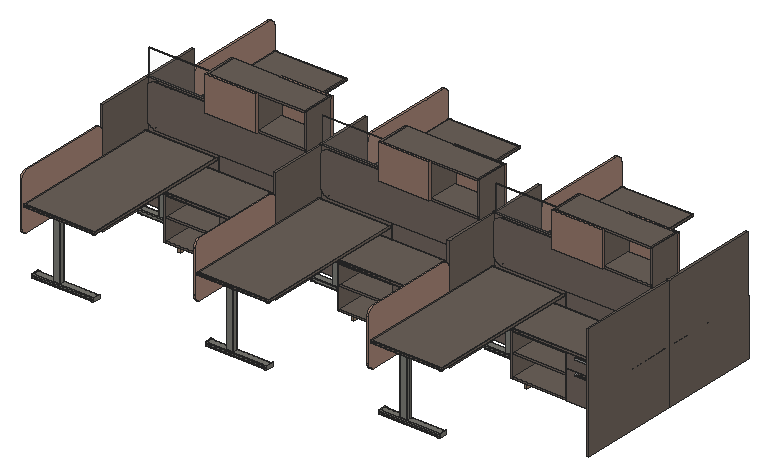
Revit family "T200210", category Furniture, Revit 2018
Family settings
  OmniClass Number = 23.40.20.00
  OmniClass Title = General Furniture and Specialties
  Work Plane-Based = No
  Always vertical = Yes
  Cut with Voids When Loaded = No
  Shared = No
  Room Calculation Point = No
Reference planes (in)
  plane 1 "Center Front/Back": y = 0
  plane 2: z = 0
  plane 3 "Center Left/Right": x = 0
Dimensions and locks (in)
  aligned and locked: level to plane 2
Nested families (in)
  nested 1: "STAKS SPINE OR DIVIDER WALL 48in" at (-49.66635, 12.05498, 0) x (0, -1, 0) z (0, 0, 1), type "STAKS SPINE OR DIVIDER WALL 48in X 24in"
    with Height Above Floor 4' - 0"
  nested 2: "STAKS SPINE OR DIVIDER WALL 48in" at (-59.05498, 6.83365, 0), type "STAKS SPINE OR DIVIDER WALL 48in X 30in"
    with Height Above Floor 4' - 0"
  nested 3: "STAKS SPINE OR DIVIDER WALL 48in" at (-29.05498, 6.83365, 0), type "STAKS SPINE OR DIVIDER WALL 48in X 42in"
    with Height Above Floor 4' - 0"
  nested 4: "STAKS RECTANGULAR WORKSURFACES Short Grain" at (-35.05498, 5.83365, -6), type "STAKS RECTANGULAR WORKSURFACE 22 x 42"
    with Height Above Floor 2' - 5"
  nested 5: "STAKS 15H SHARED ORGANIZER One Opening Per Side" at (-27.55498, 12.42099, 0.5), type "STAKS 15H SHARED ORGANIZER 42in W"
    with Height Above Floor 5' - 2 1/2"
  nested 6: "STAKS CORNER SHELF FOR WALL PANEL" at (-46.90963, -0.58856, -6) x (0.7071, 0.7071, 0) z (0, 0, 1), type "STAKS CORNER SHELF FOR WALL PANEL"
    with Height Above Floor 2' - 5"
  nested 7: "STAKS FABRIC TACKBOARD WITH ROUNDED CORNERS FOR SPINE OR DIVIDER WALL" at (-59.05498, 5.83365, 0), type "STAKS FABRIC TACKBOARD WITH ROUNDED CORNERS FOR SPINE OR DIVIDER WALL 18H x 49-73.9375W"
    with Height Above Floor 3' - 11 1/2"
  nested 8: "STAKS FROSTED ACRYLIC PRIVACY PANEL" at (-20.06705, 1.74965, 0), type "STAKS FROSTED ACRYLIC PRIVACY PANEL 29 x 13"
  nested 9: "STAKS I-BEAM SUPPORTS" at (-24.44943, -19.00035, 0), type "STAKS I-BEAM SUPPORT 40"
  nested 10: "STAKS LOW HEIGHT OPEN SHELF PEDESTAL - WITH RISER SUPPORT" at (-36.47711, -18.62535, 0), type "STAKS LOW HEIGHT OPEN SHELF PEDESTAL - WITH RISER SUPPORT 24 x 19"
  nested 11: "STAKS LOW HEIGHT PEDESTAL WIDE - BOX-FILE - WITH RISER SUPPORT" at (-12.47711, -18.62535, 0), type "STAKS LOW HEIGHT PEDESTAL WIDE - BOX-FILE - WITH RISER SUPPORT 24in W x 19in D"
  nested 12: "STAKS RECTANGULAR WORKSURFACES Worksurface Height" at (-52.83365, -69.22159, 0) x (0, 1, 0) z (0, 0, 1), type "STAKS RECTANGULAR WORKSURFACE 66 x 30"
    with Height Above Floor 2' - 5"
  nested 13: "STAKS OFFSET ELECTRIC ADJUSTABLE HEIGHT BASE Rectangular" at (-42.37465, -41, 0) x (0, 1, 0) z (0, 0, 1), type "STAKS OFFSET ELECTRIC ADJUSTABLE HEIGHT BASE 30in Rectangular"
    with Height 2' - 3 7/8"
  nested 14: "STAKS OFFSET ELECTRIC ADJUSTABLE HEIGHT BASE Rectangular" at (-42.37465, -18.33322, 0) x (0, -1, 0) z (0, 0, 1), type "STAKS OFFSET ELECTRIC ADJUSTABLE HEIGHT BASE 30in Rectangular"
    with Height 2' - 3 7/8"
  nested 15: "STAKS WORKSURFACE EDGE MODESTY TFL WOOD GRAIN AND TFL SOLID COLORS Round Corners" at (-54.25035, -57.5, 17) x (0, -1, 0) z (0, 0, 1), type "STAKS WORKSURFACE EDGE MODESTY TFL WOOD GRAIN AND TFL SOLID COLORS 42 Round Corners"
  nested 16: "STAKS BENCHING CANTILEVER WORKSURFACE BRACKET - OPEN" at (-48.62465, -34.75, 0) x (0, 1, 0) z (0, 0, 1), type "CANTILEVER WORKSURFACE BRACKET - OPEN 14in"
  nested 17: "STAKS BENCHING CANTILEVER WORKSURFACE BRACKET - OPEN" at (-48.62465, -11.75, 0) x (0, 1, 0) z (0, 0, 1), type "CANTILEVER WORKSURFACE BRACKET - OPEN 14in"
  nested 18: "STAKS SPINE OR DIVIDER WALL 48in" at (-49.66635, -3.1303, 0) x (0, 1, 0) z (0, 0, 1), type "STAKS SPINE OR DIVIDER WALL 48in X 24in"
    with Height Above Floor 4' - 0"
  nested 19: "STAKS RECTANGULAR WORKSURFACES Short Grain" at (-35.05498, 3.09103, -6), type "STAKS RECTANGULAR WORKSURFACE 22 x 42"
    with Height Above Floor 2' - 5"
  nested 20: "STAKS CORNER SHELF FOR WALL PANEL" at (-46.90963, 9.51324, -6) x (0.7071, -0.7071, 0) z (0, 0, 1), type "STAKS CORNER SHELF FOR WALL PANEL"
    with Height Above Floor 2' - 5"
  nested 21: "STAKS FABRIC TACKBOARD WITH ROUNDED CORNERS FOR SPINE OR DIVIDER WALL" at (-59.05498, 3.09103, 0), type "STAKS FABRIC TACKBOARD WITH ROUNDED CORNERS FOR SPINE OR DIVIDER WALL 18H x 49-73.9375W"
    with Height Above Floor 3' - 11 1/2"
  nested 22: "STAKS I-BEAM SUPPORTS" at (-24.44943, 27.92503, 0), type "STAKS I-BEAM SUPPORT 40"
  nested 23: "STAKS LOW HEIGHT OPEN SHELF PEDESTAL - WITH RISER SUPPORT" at (-36.47711, 27.55003, 0), type "STAKS LOW HEIGHT OPEN SHELF PEDESTAL - WITH RISER SUPPORT 24 x 19"
  nested 24: "STAKS LOW HEIGHT PEDESTAL WIDE - BOX-FILE - WITH RISER SUPPORT" at (-12.47711, 27.55003, 0), type "STAKS LOW HEIGHT PEDESTAL WIDE - BOX-FILE - WITH RISER SUPPORT 24in W x 19in D"
  nested 25: "STAKS RECTANGULAR WORKSURFACES Worksurface Height" at (-52.83365, 78.14627, 0) x (0, -1, 0) z (0, 0, 1), type "STAKS RECTANGULAR WORKSURFACE 66 x 30"
    with Height Above Floor 2' - 5"
  nested 26: "STAKS OFFSET ELECTRIC ADJUSTABLE HEIGHT BASE Rectangular" at (-42.37465, 49.92468, 0) x (0, -1, 0) z (0, 0, 1), type "STAKS OFFSET ELECTRIC ADJUSTABLE HEIGHT BASE 30in Rectangular"
    with Height 2' - 3 7/8"
  nested 27: "STAKS OFFSET ELECTRIC ADJUSTABLE HEIGHT BASE Rectangular" at (-42.37465, 27.2579, 0) x (0, 1, 0) z (0, 0, 1), type "STAKS OFFSET ELECTRIC ADJUSTABLE HEIGHT BASE 30in Rectangular"
    with Height 2' - 3 7/8"
  nested 28: "STAKS WORKSURFACE EDGE MODESTY TFL WOOD GRAIN AND TFL SOLID COLORS Round Corners" at (-54.25035, 66.42468, 17) x (0, 1, 0) z (0, 0, 1), type "STAKS WORKSURFACE EDGE MODESTY TFL WOOD GRAIN AND TFL SOLID COLORS 42 Round Corners"
  nested 29: "STAKS BENCHING CANTILEVER WORKSURFACE BRACKET - OPEN" at (-48.62465, 43.67468, 0) x (0, -1, 0) z (0, 0, 1), type "CANTILEVER WORKSURFACE BRACKET - OPEN 14in"
  nested 30: "STAKS BENCHING CANTILEVER WORKSURFACE BRACKET - OPEN" at (-48.62465, 20.67468, 0) x (0, -1, 0) z (0, 0, 1), type "CANTILEVER WORKSURFACE BRACKET - OPEN 14in"
  nested 31: "STAKS SPINE OR DIVIDER WALL 48in" at (23.33365, 12.05498, 0) x (0, -1, 0) z (0, 0, 1), type "STAKS SPINE OR DIVIDER WALL 48in X 24in"
    with Height Above Floor 4' - 0"
  nested 32: "STAKS SPINE OR DIVIDER WALL 48in" at (13.94502, 6.83365, 0), type "STAKS SPINE OR DIVIDER WALL 48in X 30in"
    with Height Above Floor 4' - 0"
  nested 33: "STAKS SPINE OR DIVIDER WALL 48in" at (43.94502, 6.83365, 0), type "STAKS SPINE OR DIVIDER WALL 48in X 42in"
    with Height Above Floor 4' - 0"
  nested 34: "STAKS RECTANGULAR WORKSURFACES Short Grain" at (37.94502, 5.83365, -6), type "STAKS RECTANGULAR WORKSURFACE 22 x 42"
    with Height Above Floor 2' - 5"
  nested 35: "STAKS 15H SHARED ORGANIZER One Opening Per Side" at (45.44502, 12.42099, 0.5), type "STAKS 15H SHARED ORGANIZER 42in W"
    with Height Above Floor 5' - 2 1/2"
  nested 36: "STAKS CORNER SHELF FOR WALL PANEL" at (26.09037, -0.58856, -6) x (0.7071, 0.7071, 0) z (0, 0, 1), type "STAKS CORNER SHELF FOR WALL PANEL"
    with Height Above Floor 2' - 5"
  nested 37: "STAKS FABRIC TACKBOARD WITH ROUNDED CORNERS FOR SPINE OR DIVIDER WALL" at (13.94502, 5.83365, 0), type "STAKS FABRIC TACKBOARD WITH ROUNDED CORNERS FOR SPINE OR DIVIDER WALL 18H x 49-73.9375W"
    with Height Above Floor 3' - 11 1/2"
  nested 38: "STAKS FROSTED ACRYLIC PRIVACY PANEL" at (52.93295, 1.74965, 0), type "STAKS FROSTED ACRYLIC PRIVACY PANEL 29 x 13"
  nested 39: "STAKS I-BEAM SUPPORTS" at (48.55057, -19.00035, 0), type "STAKS I-BEAM SUPPORT 40"
  nested 40: "STAKS LOW HEIGHT OPEN SHELF PEDESTAL - WITH RISER SUPPORT" at (36.52289, -18.62535, 0), type "STAKS LOW HEIGHT OPEN SHELF PEDESTAL - WITH RISER SUPPORT 24 x 19"
  nested 41: "STAKS LOW HEIGHT PEDESTAL WIDE - BOX-FILE - WITH RISER SUPPORT" at (60.52289, -18.62535, 0), type "STAKS LOW HEIGHT PEDESTAL WIDE - BOX-FILE - WITH RISER SUPPORT 24in W x 19in D"
  nested 42: "STAKS RECTANGULAR WORKSURFACES Worksurface Height" at (20.16635, -69.22159, 0) x (0, 1, 0) z (0, 0, 1), type "STAKS RECTANGULAR WORKSURFACE 66 x 30"
    with Height Above Floor 2' - 5"
  nested 43: "STAKS OFFSET ELECTRIC ADJUSTABLE HEIGHT BASE Rectangular" at (30.62535, -41, 0) x (0, 1, 0) z (0, 0, 1), type "STAKS OFFSET ELECTRIC ADJUSTABLE HEIGHT BASE 30in Rectangular"
    with Height 2' - 3 7/8"
  nested 44: "STAKS OFFSET ELECTRIC ADJUSTABLE HEIGHT BASE Rectangular" at (30.62535, -18.33322, 0) x (0, -1, 0) z (0, 0, 1), type "STAKS OFFSET ELECTRIC ADJUSTABLE HEIGHT BASE 30in Rectangular"
    with Height 2' - 3 7/8"
  nested 45: "STAKS WORKSURFACE EDGE MODESTY TFL WOOD GRAIN AND TFL SOLID COLORS Round Corners" at (18.74965, -57.5, 17) x (0, -1, 0) z (0, 0, 1), type "STAKS WORKSURFACE EDGE MODESTY TFL WOOD GRAIN AND TFL SOLID COLORS 42 Round Corners"
  nested 46: "STAKS BENCHING CANTILEVER WORKSURFACE BRACKET - OPEN" at (24.37535, -34.75, 0) x (0, 1, 0) z (0, 0, 1), type "CANTILEVER WORKSURFACE BRACKET - OPEN 14in"
  nested 47: "STAKS BENCHING CANTILEVER WORKSURFACE BRACKET - OPEN" at (24.37535, -11.75, 0) x (0, 1, 0) z (0, 0, 1), type "CANTILEVER WORKSURFACE BRACKET - OPEN 14in"
  nested 48: "STAKS SPINE OR DIVIDER WALL 48in" at (23.33365, -3.1303, 0) x (0, 1, 0) z (0, 0, 1), type "STAKS SPINE OR DIVIDER WALL 48in X 24in"
    with Height Above Floor 4' - 0"
  nested 49: "STAKS RECTANGULAR WORKSURFACES Short Grain" at (37.94502, 3.09103, -6), type "STAKS RECTANGULAR WORKSURFACE 22 x 42"
    with Height Above Floor 2' - 5"
  nested 50: "STAKS CORNER SHELF FOR WALL PANEL" at (26.09037, 9.51324, -6) x (0.7071, -0.7071, 0) z (0, 0, 1), type "STAKS CORNER SHELF FOR WALL PANEL"
    with Height Above Floor 2' - 5"
  nested 51: "STAKS FABRIC TACKBOARD WITH ROUNDED CORNERS FOR SPINE OR DIVIDER WALL" at (13.94502, 3.09103, 0), type "STAKS FABRIC TACKBOARD WITH ROUNDED CORNERS FOR SPINE OR DIVIDER WALL 18H x 49-73.9375W"
    with Height Above Floor 3' - 11 1/2"
  nested 52: "STAKS I-BEAM SUPPORTS" at (48.55057, 27.92503, 0), type "STAKS I-BEAM SUPPORT 40"
  nested 53: "STAKS LOW HEIGHT OPEN SHELF PEDESTAL - WITH RISER SUPPORT" at (36.52289, 27.55003, 0), type "STAKS LOW HEIGHT OPEN SHELF PEDESTAL - WITH RISER SUPPORT 24 x 19"
  nested 54: "STAKS LOW HEIGHT PEDESTAL WIDE - BOX-FILE - WITH RISER SUPPORT" at (60.52289, 27.55003, 0), type "STAKS LOW HEIGHT PEDESTAL WIDE - BOX-FILE - WITH RISER SUPPORT 24in W x 19in D"
  nested 55: "STAKS RECTANGULAR WORKSURFACES Worksurface Height" at (20.16635, 78.14627, 0) x (0, -1, 0) z (0, 0, 1), type "STAKS RECTANGULAR WORKSURFACE 66 x 30"
    with Height Above Floor 2' - 5"
  nested 56: "STAKS OFFSET ELECTRIC ADJUSTABLE HEIGHT BASE Rectangular" at (30.62535, 49.92468, 0) x (0, -1, 0) z (0, 0, 1), type "STAKS OFFSET ELECTRIC ADJUSTABLE HEIGHT BASE 30in Rectangular"
    with Height 2' - 3 7/8"
  nested 57: "STAKS OFFSET ELECTRIC ADJUSTABLE HEIGHT BASE Rectangular" at (30.62535, 27.2579, 0) x (0, 1, 0) z (0, 0, 1), type "STAKS OFFSET ELECTRIC ADJUSTABLE HEIGHT BASE 30in Rectangular"
    with Height 2' - 3 7/8"
  nested 58: "STAKS WORKSURFACE EDGE MODESTY TFL WOOD GRAIN AND TFL SOLID COLORS Round Corners" at (18.74965, 66.42468, 17) x (0, 1, 0) z (0, 0, 1), type "STAKS WORKSURFACE EDGE MODESTY TFL WOOD GRAIN AND TFL SOLID COLORS 42 Round Corners"
  nested 59: "STAKS BENCHING CANTILEVER WORKSURFACE BRACKET - OPEN" at (24.37535, 43.67468, 0) x (0, -1, 0) z (0, 0, 1), type "CANTILEVER WORKSURFACE BRACKET - OPEN 14in"
  nested 60: "STAKS BENCHING CANTILEVER WORKSURFACE BRACKET - OPEN" at (24.37535, 20.67468, 0) x (0, -1, 0) z (0, 0, 1), type "CANTILEVER WORKSURFACE BRACKET - OPEN 14in"
  nested 61: "STAKS SPINE OR DIVIDER WALL 48in" at (91.66635, -45.09264, 0) x (0, 1, 0) z (0, 0, 1), type "STAKS SPINE OR DIVIDER WALL 48in X 42in"
    with Height Above Floor 4' - 0"
  nested 62: "STAKS SPINE OR DIVIDER WALL 48in" at (91.66635, 54.01732, 0) x (0, -1, 0) z (0, 0, 1), type "STAKS SPINE OR DIVIDER WALL 48in X 42in"
    with Height Above Floor 4' - 0"
  nested 63: "STAKS SPINE OR DIVIDER WALL 48in" at (-122.66635, 12.05498, 0) x (0, -1, 0) z (0, 0, 1), type "STAKS SPINE OR DIVIDER WALL 48in X 24in"
    with Height Above Floor 4' - 0"
  nested 64: "STAKS SPINE OR DIVIDER WALL 48in" at (-132.05498, 6.83365, 0), type "STAKS SPINE OR DIVIDER WALL 48in X 30in"
    with Height Above Floor 4' - 0"
  nested 65: "STAKS SPINE OR DIVIDER WALL 48in" at (-102.05498, 6.83365, 0), type "STAKS SPINE OR DIVIDER WALL 48in X 42in"
    with Height Above Floor 4' - 0"
  nested 66: "STAKS RECTANGULAR WORKSURFACES Short Grain" at (-108.05498, 5.83365, -6), type "STAKS RECTANGULAR WORKSURFACE 22 x 42"
    with Height Above Floor 2' - 5"
  nested 67: "STAKS 15H SHARED ORGANIZER One Opening Per Side" at (-100.55498, 12.42099, 0.5), type "STAKS 15H SHARED ORGANIZER 42in W"
    with Height Above Floor 5' - 2 1/2"
  nested 68: "STAKS CORNER SHELF FOR WALL PANEL" at (-119.90963, -0.58856, -6) x (0.7071, 0.7071, 0) z (0, 0, 1), type "STAKS CORNER SHELF FOR WALL PANEL"
    with Height Above Floor 2' - 5"
  nested 69: "STAKS FABRIC TACKBOARD WITH ROUNDED CORNERS FOR SPINE OR DIVIDER WALL" at (-132.05498, 5.83365, 0), type "STAKS FABRIC TACKBOARD WITH ROUNDED CORNERS FOR SPINE OR DIVIDER WALL 18H x 49-73.9375W"
    with Height Above Floor 3' - 11 1/2"
  nested 70: "STAKS FROSTED ACRYLIC PRIVACY PANEL" at (-93.06705, 1.74965, 0), type "STAKS FROSTED ACRYLIC PRIVACY PANEL 29 x 13"
  nested 71: "STAKS I-BEAM SUPPORTS" at (-97.44943, -19.00035, 0), type "STAKS I-BEAM SUPPORT 40"
  nested 72: "STAKS LOW HEIGHT OPEN SHELF PEDESTAL - WITH RISER SUPPORT" at (-109.47711, -18.62535, 0), type "STAKS LOW HEIGHT OPEN SHELF PEDESTAL - WITH RISER SUPPORT 24 x 19"
  nested 73: "STAKS LOW HEIGHT PEDESTAL WIDE - BOX-FILE - WITH RISER SUPPORT" at (-85.47711, -18.62535, 0), type "STAKS LOW HEIGHT PEDESTAL WIDE - BOX-FILE - WITH RISER SUPPORT 24in W x 19in D"
  nested 74: "STAKS RECTANGULAR WORKSURFACES Worksurface Height" at (-125.83365, -69.22159, 0) x (0, 1, 0) z (0, 0, 1), type "STAKS RECTANGULAR WORKSURFACE 66 x 30"
    with Height Above Floor 2' - 5"
  nested 75: "STAKS OFFSET ELECTRIC ADJUSTABLE HEIGHT BASE Rectangular" at (-115.37465, -41, 0) x (0, 1, 0) z (0, 0, 1), type "STAKS OFFSET ELECTRIC ADJUSTABLE HEIGHT BASE 30in Rectangular"
    with Height 2' - 3 7/8"
  nested 76: "STAKS OFFSET ELECTRIC ADJUSTABLE HEIGHT BASE Rectangular" at (-115.37465, -18.33322, 0) x (0, -1, 0) z (0, 0, 1), type "STAKS OFFSET ELECTRIC ADJUSTABLE HEIGHT BASE 30in Rectangular"
    with Height 2' - 3 7/8"
  nested 77: "STAKS WORKSURFACE EDGE MODESTY TFL WOOD GRAIN AND TFL SOLID COLORS Round Corners" at (-127.25035, -57.5, 17) x (0, -1, 0) z (0, 0, 1), type "STAKS WORKSURFACE EDGE MODESTY TFL WOOD GRAIN AND TFL SOLID COLORS 42 Round Corners"
  nested 78: "STAKS BENCHING CANTILEVER WORKSURFACE BRACKET - OPEN" at (-121.62465, -34.75, 0) x (0, 1, 0) z (0, 0, 1), type "CANTILEVER WORKSURFACE BRACKET - OPEN 14in"
  nested 79: "STAKS BENCHING CANTILEVER WORKSURFACE BRACKET - OPEN" at (-121.62465, -11.75, 0) x (0, 1, 0) z (0, 0, 1), type "CANTILEVER WORKSURFACE BRACKET - OPEN 14in"
  nested 80: "STAKS SPINE OR DIVIDER WALL 48in" at (-122.66635, -3.1303, 0) x (0, 1, 0) z (0, 0, 1), type "STAKS SPINE OR DIVIDER WALL 48in X 24in"
    with Height Above Floor 4' - 0"
  nested 81: "STAKS RECTANGULAR WORKSURFACES Short Grain" at (-108.05498, 3.09103, -6), type "STAKS RECTANGULAR WORKSURFACE 22 x 42"
    with Height Above Floor 2' - 5"
  nested 82: "STAKS CORNER SHELF FOR WALL PANEL" at (-119.90963, 9.51324, -6) x (0.7071, -0.7071, 0) z (0, 0, 1), type "STAKS CORNER SHELF FOR WALL PANEL"
    with Height Above Floor 2' - 5"
  nested 83: "STAKS FABRIC TACKBOARD WITH ROUNDED CORNERS FOR SPINE OR DIVIDER WALL" at (-132.05498, 3.09103, 0), type "STAKS FABRIC TACKBOARD WITH ROUNDED CORNERS FOR SPINE OR DIVIDER WALL 18H x 49-73.9375W"
    with Height Above Floor 3' - 11 1/2"
  nested 84: "STAKS I-BEAM SUPPORTS" at (-97.44943, 27.92503, 0), type "STAKS I-BEAM SUPPORT 40"
  nested 85: "STAKS LOW HEIGHT OPEN SHELF PEDESTAL - WITH RISER SUPPORT" at (-109.47711, 27.55003, 0), type "STAKS LOW HEIGHT OPEN SHELF PEDESTAL - WITH RISER SUPPORT 24 x 19"
  nested 86: "STAKS LOW HEIGHT PEDESTAL WIDE - BOX-FILE - WITH RISER SUPPORT" at (-85.47711, 27.55003, 0), type "STAKS LOW HEIGHT PEDESTAL WIDE - BOX-FILE - WITH RISER SUPPORT 24in W x 19in D"
  nested 87: "STAKS RECTANGULAR WORKSURFACES Worksurface Height" at (-125.83365, 78.14627, 0) x (0, -1, 0) z (0, 0, 1), type "STAKS RECTANGULAR WORKSURFACE 66 x 30"
    with Height Above Floor 2' - 5"
  nested 88: "STAKS OFFSET ELECTRIC ADJUSTABLE HEIGHT BASE Rectangular" at (-115.37465, 49.92468, 0) x (0, -1, 0) z (0, 0, 1), type "STAKS OFFSET ELECTRIC ADJUSTABLE HEIGHT BASE 30in Rectangular"
    with Height 2' - 3 7/8"
  nested 89: "STAKS OFFSET ELECTRIC ADJUSTABLE HEIGHT BASE Rectangular" at (-115.37465, 27.2579, 0) x (0, 1, 0) z (0, 0, 1), type "STAKS OFFSET ELECTRIC ADJUSTABLE HEIGHT BASE 30in Rectangular"
    with Height 2' - 3 7/8"
  nested 90: "STAKS WORKSURFACE EDGE MODESTY TFL WOOD GRAIN AND TFL SOLID COLORS Round Corners" at (-127.25035, 66.42468, 17) x (0, 1, 0) z (0, 0, 1), type "STAKS WORKSURFACE EDGE MODESTY TFL WOOD GRAIN AND TFL SOLID COLORS 42 Round Corners"
  nested 91: "STAKS BENCHING CANTILEVER WORKSURFACE BRACKET - OPEN" at (-121.62465, 43.67468, 0) x (0, -1, 0) z (0, 0, 1), type "CANTILEVER WORKSURFACE BRACKET - OPEN 14in"
  nested 92: "STAKS BENCHING CANTILEVER WORKSURFACE BRACKET - OPEN" at (-121.62465, 20.67468, 0) x (0, -1, 0) z (0, 0, 1), type "CANTILEVER WORKSURFACE BRACKET - OPEN 14in"
Definition of nested family "STAKS SPINE OR DIVIDER WALL 48in"
  Parameters (values of type "STAKS SPINE OR DIVIDER WALL 48in X 24in")
    URL = "http://www.ofs.com/"
    Height Above Floor [instance] = 4' - 0"
    Height = 4' - 0"
    Depth = 0' - 1"
    Model = "6-PAN-48/24"
    Manufacturer = "OFS"
    Description = "OFS STAKS SPINE OR DIVIDER WALL 48\" Height x 24\" Width, Levelers allow 2.5\" Height Adjustability for Uneven Floor"
    Width = 2' - 0"
    Copyright © = "© 2018 OFS"
    Catalog = "https://ofs.com/products/casegoods/private-office/staks"
    Authoring Version = "Autodesk Revit Architecture 2013"
    Assembly Code = "E2020200"
  Types (19): name | Model | Description | Width
    STAKS SPINE OR DIVIDER WALL 48in X 24in | "6-PAN-48/24" | "OFS STAKS SPINE OR DIVIDER WALL 48\" Height x 24\" Width, Levelers allow 2.5\" Height Adjustability for Uneven Floor" | 2' - 0"
    STAKS SPINE OR DIVIDER WALL 48in X 33in | "6-PAN-48/33" | "OFS STAKS SPINE OR DIVIDER WALL 48\" Height x 33\" Width, Levelers allow 2.5\" Height Adjustability for Uneven Floor" | 2' - 9"
    STAKS SPINE OR DIVIDER WALL 48in X 26in | "6-PAN-48/26" | "OFS STAKS SPINE OR DIVIDER WALL 48\" Height x 26\" Width, Levelers allow 2.5\" Height Adjustability for Uneven Floor" | 2' - 2"
    STAKS SPINE OR DIVIDER WALL 48in X 30in | "6-PAN-48/30" | "OFS STAKS SPINE OR DIVIDER WALL 48\" Height x 30\" Width, Levelers allow 2.5\" Height Adjustability for Uneven Floor" | 2' - 6"
    STAKS SPINE OR DIVIDER WALL 48in X 36in | "6-PAN-48/36" | "OFS STAKS SPINE OR DIVIDER WALL 48\" Height x 36\" Width, Levelers allow 2.5\" Height Adjustability for Uneven Floor" | 3' - 0"
    STAKS SPINE OR DIVIDER WALL 48in X 37in | "6-PAN-48/37" | "OFS STAKS SPINE OR DIVIDER WALL 48\" Height x 37\" Width, Levelers allow 2.5\" Height Adjustability for Uneven Floor" | 3' - 1"
    STAKS SPINE OR DIVIDER WALL 48in X 39in | "6-PAN-48/39" | "OFS STAKS SPINE OR DIVIDER WALL 48\" Height x 39\" Width, Levelers allow 2.5\" Height Adjustability for Uneven Floor" | 3' - 3"
    STAKS SPINE OR DIVIDER WALL 48in X 40in | "6-PAN-48/40" | "OFS STAKS SPINE OR DIVIDER WALL 48\" Height x 40\" Width, Levelers allow 2.5\" Height Adjustability for Uneven Floor" | 3' - 4"
    STAKS SPINE OR DIVIDER WALL 48in X 42in | "6-PAN-48/42" | "OFS STAKS SPINE OR DIVIDER WALL 48\" Height x 42\" Width, Levelers allow 2.5\" Height Adjustability for Uneven Floor" | 3' - 6"
    STAKS SPINE OR DIVIDER WALL 48in X 44in | "6-PAN-48/44" | "OFS STAKS SPINE OR DIVIDER WALL 48\" Height x 44\" Width, Levelers allow 2.5\" Height Adjustability for Uneven Floor" | 3' - 8"
    STAKS SPINE OR DIVIDER WALL 48in X 45in | "6-PAN-48/45" | "OFS STAKS SPINE OR DIVIDER WALL 48\" Height x 45\" Width, Levelers allow 2.5\" Height Adjustability for Uneven Floor" | 3' - 9"
    STAKS SPINE OR DIVIDER WALL 48in X 47in | "6-PAN-48/47" | "OFS STAKS SPINE OR DIVIDER WALL 48\" Height x 47\" Width, Levelers allow 2.5\" Height Adjustability for Uneven Floor" | 3' - 11"
    STAKS SPINE OR DIVIDER WALL 48in X 48in | "6-PAN-48/48" | "OFS STAKS SPINE OR DIVIDER WALL 48\" Height x 48\" Width, Levelers allow 2.5\" Height Adjustability for Uneven Floor" | 4' - 0"
    STAKS SPINE OR DIVIDER WALL 48in X 49in | "6-PAN-48/49" | "OFS STAKS SPINE OR DIVIDER WALL 48\" Height x 49\" Width, Levelers allow 2.5\" Height Adjustability for Uneven Floor" | 4' - 1"
    STAKS SPINE OR DIVIDER WALL 48in X 52in | "6-PAN-48/52" | "OFS STAKS SPINE OR DIVIDER WALL 48\" Height x 52\" Width, Levelers allow 2.5\" Height Adjustability for Uneven Floor" | 4' - 4"
    STAKS SPINE OR DIVIDER WALL 48in X 54in | "6-PAN-48/54" | "OFS STAKS SPINE OR DIVIDER WALL 48\" Height x 54\" Width, Levelers allow 2.5\" Height Adjustability for Uneven Floor" | 4' - 6"
    STAKS SPINE OR DIVIDER WALL 48in X 56in | "6-PAN-48/56" | "OFS STAKS SPINE OR DIVIDER WALL 48\" Height x 56\" Width, Levelers allow 2.5\" Height Adjustability for Uneven Floor" | 4' - 8"
    STAKS SPINE OR DIVIDER WALL 48in X 58in | "6-PAN-48/58" | "OFS STAKS SPINE OR DIVIDER WALL 48\" Height x 58\" Width, Levelers allow 2.5\" Height Adjustability for Uneven Floor" | 4' - 10"
    STAKS SPINE OR DIVIDER WALL 48in X 59in | "6-PAN-48/59" | "OFS STAKS SPINE OR DIVIDER WALL 48\" Height x 59\" Width, Levelers allow 2.5\" Height Adjustability for Uneven Floor" | 4' - 11"
  Reference planes (in)
    plane 1: z = -0.125
    plane 2 "LEFT": x = 7.55498
    plane 3 "RIGHT": x = 31.55498
    plane 4 "BACK": y = -1.83365
    plane 5 "FRONT": y = -2.83365
    plane 6: x = 7.67998
    plane 7: x = 31.42998
    plane 8: y = -1.95865
    plane 9: y = -2.70865
    plane 10: z = -0.125
    plane 11 "SURFACE TOP": z = 47.875
  Forms (in)
    Extrusion 1, solid
      sketch origin (0, 0, 17.125) x (-1, 0, 0) y (0, -1, 0)
        loop
          line (-7.55498, 1.83365) -> (-7.55498, 2.83365) -> (-31.55498, 2.83365) -> (-31.55498, 1.83365) -> (-7.55498, 1.83365)
      from 30.75 to -17.25
  Lines and regions (in)
    symbolic lines
      curve 1: line (7.55498, -1.83365, 47.875) -> (31.55498, -1.83365, 47.875)
      curve 2: line (7.55498, -2.83365, 47.875) -> (7.55498, -1.83365, 47.875)
      curve 3: line (31.55498, -2.83365, 47.875) -> (7.55498, -2.83365, 47.875)
      curve 4: line (31.55498, -1.83365, 47.875) -> (31.55498, -2.83365, 47.875)
  Dimensions and locks (in)
    "Depth": plane 4 "BACK" to plane 5 "FRONT"
    "Width": plane 2 "LEFT" to plane 3 "RIGHT"
    "Height": plane 11 "SURFACE TOP" to plane 10
    locked: plane 4 "BACK" to plane 8 at 0.125
    locked: plane 2 "LEFT" to plane 6 at 0.125
    locked: plane 7 to plane 3 "RIGHT" at 0.125
    locked: plane 9 to plane 5 "FRONT" at 0.125
    "Height Above Floor": plane 11 "SURFACE TOP" to level
    aligned: level to plane 1
    aligned and locked: plane 11 "SURFACE TOP" to Extrusion 1
    aligned and locked: Extrusion 1 to plane 10
    aligned and locked: plane 4 "BACK" to Extrusion 1 sketch curve
    aligned and locked: Extrusion 1 sketch curve to plane 2 "LEFT"
    aligned and locked: Extrusion 1 sketch curve to plane 5 "FRONT"
    aligned and locked: plane 3 "RIGHT" to Extrusion 1 sketch curve
    aligned and locked: curve 1 to Extrusion 1
    aligned and locked: curve 2 to Extrusion 1
    aligned and locked: curve 3 to Extrusion 1
    aligned and locked: curve 4 to Extrusion 1
Definition of nested family "STAKS RECTANGULAR WORKSURFACES Short Grain"
  Parameters (values of type "STAKS RECTANGULAR WORKSURFACE 22 x 15.625")
    URL = "http://www.ofs.com/"
    Height Above Floor [instance] = 2' - 5"
    Height = 0' - 1 1/8"
    Depth = 1' - 10"
    Model = "6-MCT-22/15.625"
    Manufacturer = "OFS"  # constant formula
    Description = "OFS STAKS 22 X 15.625 RECTANGULAR WORKSURFACE For Worksurface or Low Height Applications, Short Grain"
    Width = 1' - 3 5/8"
    Copyright © = "© 2018 OFS"  # constant formula
    Catalog = "https://ofs.com/products/casegoods/private-office/staks"  # constant formula
    Authoring Version = "Autodesk Revit Architecture 2013"
    Assembly Code = "E2020200"
  Types (24): name | Model | Description | Width
    STAKS RECTANGULAR WORKSURFACE 22 x 15.625 | "6-MCT-22/15.625" | "OFS STAKS 22 X 15.625 RECTANGULAR WORKSURFACE For Worksurface or Low Height Applications, Short Grain" | 1' - 3 5/8"
    STAKS RECTANGULAR WORKSURFACE 22 x 34 | "6-MCT-22/34" | "OFS STAKS 22 X 34 RECTANGULAR WORKSURFACE For Worksurface or Low Height Applications, Short Grain" | 2' - 10"
    STAKS RECTANGULAR WORKSURFACE 22 x 36 | "6-MCT-22/36" | "OFS STAKS 22 X 36 RECTANGULAR WORKSURFACE For Worksurface or Low Height Applications, Short Grain" | 3' - 0"
    STAKS RECTANGULAR WORKSURFACE 22 x 42 | "6-MCT-22/42" | "OFS STAKS 22 X 42 RECTANGULAR WORKSURFACE For Worksurface or Low Height Applications, Short Grain" | 3' - 6"
    STAKS RECTANGULAR WORKSURFACE 22 x 46 | "6-MCT-22/46" | "OFS STAKS 22 X 46 RECTANGULAR WORKSURFACE For Worksurface or Low Height Applications, Short Grain" | 3' - 10"
    STAKS RECTANGULAR WORKSURFACE 22 x 48 | "6-MCT-22/48" | "OFS STAKS 22 X 48 RECTANGULAR WORKSURFACE For Worksurface or Low Height Applications, Short Grain" | 4' - 0"
    STAKS RECTANGULAR WORKSURFACE 22 x 48.5 | "6-MCT-22/48.5" | "OFS STAKS 22 X 48.5 RECTANGULAR WORKSURFACE For Worksurface or Low Height Applications, Short Grain" | 4' - 0 1/2"
    STAKS RECTANGULAR WORKSURFACE 22 x 54 | "6-MCT-22/54" | "OFS STAKS 22 X 54 RECTANGULAR WORKSURFACE For Worksurface or Low Height Applications, Short Grain" | 4' - 6"
    STAKS RECTANGULAR WORKSURFACE 22 x 55.5 | "6-MCT-22/55.5" | "OFS STAKS 22 X 55.5 RECTANGULAR WORKSURFACE For Worksurface or Low Height Applications, Short Grain" | 4' - 7 1/2"
    STAKS RECTANGULAR WORKSURFACE 22 x 59 | "6-MCT-22/59" | "OFS STAKS 22 X 59 RECTANGULAR WORKSURFACE For Worksurface or Low Height Applications, Short Grain" | 4' - 11"
    STAKS RECTANGULAR WORKSURFACE 22 x 60 | "6-MCT-22/60" | "OFS STAKS 22 X 60 RECTANGULAR WORKSURFACE For Worksurface or Low Height Applications, Short Grain" | 5' - 0"
    STAKS RECTANGULAR WORKSURFACE 22 x 64 | "6-MCT-22/64" | "OFS STAKS 22 X 64 RECTANGULAR WORKSURFACE For Worksurface or Low Height Applications, Short Grain" | 5' - 4"
    STAKS RECTANGULAR WORKSURFACE 22 x 66 | "6-MCT-22/66" | "OFS STAKS 22 X 66 RECTANGULAR WORKSURFACE For Worksurface or Low Height Applications, Short Grain" | 5' - 6"
    STAKS RECTANGULAR WORKSURFACE 22 x 69.625 | "6-MCT-22/69.625" | "OFS STAKS 22 X 69.625 RECTANGULAR WORKSURFACE For Worksurface or Low Height Applications, Short Grain" | 5' - 9 5/8"
    STAKS RECTANGULAR WORKSURFACE 22 x 70.5 | "6-MCT-22/70.5" | "OFS STAKS 22 X 70.5 RECTANGULAR WORKSURFACE For Worksurface or Low Height Applications, Short Grain" | 5' - 10 1/2"
    STAKS RECTANGULAR WORKSURFACE 22 x 72 | "6-MCT-22/72" | "OFS STAKS 22 X 72 RECTANGULAR WORKSURFACE For Worksurface or Low Height Applications, Short Grain" | 6' - 0"
    STAKS RECTANGULAR WORKSURFACE 22 x 74 | "6-MCT-22/74" | "OFS STAKS 22 X 74 RECTANGULAR WORKSURFACE For Worksurface or Low Height Applications, Short Grain" | 6' - 2"
    STAKS RECTANGULAR WORKSURFACE 22 x 78 | "6-MCT-22/78" | "OFS STAKS 22 X 78 RECTANGULAR WORKSURFACE For Worksurface or Low Height Applications, Short Grain" | 6' - 6"
    STAKS RECTANGULAR WORKSURFACE 22 x 82.5 | "6-MCT-22/82.5" | "OFS STAKS 22 X 82.5 RECTANGULAR WORKSURFACE For Worksurface or Low Height Applications, Short Grain" | 6' - 10 1/2"
    STAKS RECTANGULAR WORKSURFACE 22 x 84 | "6-MCT-22/84" | "OFS STAKS 22 X 84 RECTANGULAR WORKSURFACE For Worksurface or Low Height Applications, Short Grain" | 7' - 0"
    STAKS RECTANGULAR WORKSURFACE 22 x 87.625 | "6-MCT-22/87.625" | "OFS STAKS 22 X 87.625 RECTANGULAR WORKSURFACE For Worksurface or Low Height Applications, Short Grain" | 7' - 3 5/8"
    STAKS RECTANGULAR WORKSURFACE 22 x 90 | "6-MCT-22/90" | "OFS STAKS 22 X 90 RECTANGULAR WORKSURFACE For Worksurface or Low Height Applications, Short Grain" | 7' - 6"
    STAKS RECTANGULAR WORKSURFACE 22 x 94 | "6-MCT-22/94" | "OFS STAKS 22 X 94 RECTANGULAR WORKSURFACE For Worksurface or Low Height Applications, Short Grain" | 7' - 10"
    STAKS RECTANGULAR WORKSURFACE 22 x 96 | "6-MCT-22/96" | "OFS STAKS 22 X 96 RECTANGULAR WORKSURFACE For Worksurface or Low Height Applications, Short Grain" | 8' - 0"
  Reference planes (in)
    plane 1: z = -0.125
    plane 2 "LEFT": x = 7.55498
    plane 3 "RIGHT": x = 23.17998
    plane 4 "BACK": y = -1.83365
    plane 5 "FRONT": y = -23.83365
    plane 6: x = 7.67998
    plane 7: x = 23.05498
    plane 8: y = -1.95865
    plane 9: y = -23.70865
    plane 10: z = 27.75
    plane 11 "SURFACE TOP": z = 28.875
  Forms (in)
    Extrusion 1, solid
      sketch origin (0, 0, 17.125) x (-1, 0, 0) y (0, -1, 0)
        loop
          line (-7.67998, 1.95865) -> (-7.67998, 23.70865) -> (-23.05498, 23.70865) -> (-23.05498, 1.95865) -> (-7.67998, 1.95865)
      from 11.75 to 10.625
    Sweep 2, solid
      path origin (0, 0, 28.875) x (0, 1, 0) y (-1, 0, 0)
        loop
          line (-23.83365, -7.55498) -> (-23.83365, -23.17998) -> (-1.83365, -23.17998) -> (-1.83365, -7.55498) -> (-23.83365, -7.55498)
      profile origin (15.36748, -23.83365, 28.875) x (0, 1, 0) y (0, 0, 1)
        loop
          arc (0.125, 0) -> (0.03661, -0.03661) -> (0, -0.125) r 0.125
          line (0, -0.125) -> (0, -1)
          arc (0, -1) -> (0.03661, -1.08839) -> (0.125, -1.125) r 0.125
          line (0.125, -1.125) -> (0.125, 0)
  Lines and regions (in)
    Masking region 1
      outline origin (0, 0, 16.625) x (-1, 0, 0) y (0, -1, 0)
        loop
          line (-7.67998, 1.95865) -> (-7.55498, 1.83365) -> (-7.55498, 23.83365) -> (-7.67998, 23.70865) -> (-7.67998, 1.95865)
    Masking region 2
      outline origin (0, 0, 16.625) x (-1, 0, 0) y (0, -1, 0)
        loop
          line (-7.55498, 1.83365) -> (-7.67998, 1.95865) -> (-23.05498, 1.95865) -> (-23.17998, 1.83365) -> (-7.55498, 1.83365)
    Masking region 3
      outline origin (0, 0, 16.625) x (-1, 0, 0) y (0, -1, 0)
        loop
          line (-23.17998, 1.83365) -> (-23.05498, 1.95865) -> (-23.05498, 23.70865) -> (-23.17998, 23.83365) -> (-23.17998, 1.83365)
    Masking region 4
      outline origin (0, 0, 16.625) x (-1, 0, 0) y (0, -1, 0)
        loop
          line (-23.17998, 23.83365) -> (-23.05498, 23.70865) -> (-7.67998, 23.70865) -> (-7.55498, 23.83365) -> (-23.17998, 23.83365)
    Masking region 5
      outline origin (0, 0, 16.625) x (-1, 0, 0) y (0, -1, 0)
        loop
          line (-23.05498, 23.70865) -> (-23.05498, 1.95865) -> (-7.67998, 1.95865) -> (-7.67998, 23.70865) -> (-23.05498, 23.70865)
  Dimensions and locks (in)
    "Depth": plane 4 "BACK" to plane 5 "FRONT"
    "Width": plane 2 "LEFT" to plane 3 "RIGHT"
    "Height": plane 11 "SURFACE TOP" to plane 10
    locked: plane 4 "BACK" to plane 8 at 0.125
    locked: plane 2 "LEFT" to plane 6 at 0.125
    locked: plane 7 to plane 3 "RIGHT" at 0.125
    locked: plane 9 to plane 5 "FRONT" at 0.125
    "Height Above Floor": plane 11 "SURFACE TOP" to level
    aligned: level to plane 1
    aligned and locked: plane 8 to Extrusion 1 sketch curve
    aligned and locked: Extrusion 1 sketch curve to plane 6
    aligned and locked: Extrusion 1 sketch curve to plane 9
    aligned and locked: plane 7 to Extrusion 1 sketch curve
    aligned and locked: plane 11 "SURFACE TOP" to Extrusion 1
    aligned and locked: Extrusion 1 to plane 10
    aligned and locked: Sweep 2 sketch curve to plane 5 "FRONT"
    aligned and locked: Sweep 2 sketch curve to plane 2 "LEFT"
    aligned and locked: plane 4 "BACK" to Sweep 2 sketch curve
    aligned and locked: plane 3 "RIGHT" to Sweep 2 sketch curve
  Automatic sketch dimensions
    Masking region 1 sketch curve to plane 6 = 0' - 0"
    Masking region 1 sketch curve to plane 2 "LEFT" = 0' - 0"
    Masking region 1 sketch curve to plane 4 "BACK" = 0' - 0"
    Masking region 1 sketch curve to plane 8 = 0' - 0"
    Masking region 1 sketch curve to plane 9 = 0' - 0"
    Masking region 1 sketch curve to plane 5 "FRONT" = 0' - 0"
    Masking region 2 sketch curve to plane 3 "RIGHT" = 0' - 0"
    Masking region 2 sketch curve to plane 7 = 0' - 0"
    Masking region 2 sketch curve to plane 6 = 0' - 0"
    Masking region 2 sketch curve to plane 2 "LEFT" = 0' - 0"
    Masking region 2 sketch curve to plane 4 "BACK" = 0' - 0"
    Masking region 2 sketch curve to plane 8 = 0' - 0"
    Masking region 3 sketch curve to plane 3 "RIGHT" = 0' - 0"
    Masking region 3 sketch curve to plane 7 = 0' - 0"
    Masking region 3 sketch curve to plane 4 "BACK" = 0' - 0"
    Masking region 3 sketch curve to plane 8 = 0' - 0"
    Masking region 3 sketch curve to plane 9 = 0' - 0"
    Masking region 3 sketch curve to plane 5 "FRONT" = 0' - 0"
    Masking region 4 sketch curve to plane 3 "RIGHT" = 0' - 0"
    Masking region 4 sketch curve to plane 7 = 0' - 0"
    Masking region 4 sketch curve to plane 6 = 0' - 0"
    Masking region 4 sketch curve to plane 2 "LEFT" = 0' - 0"
    Masking region 4 sketch curve to plane 9 = 0' - 0"
    Masking region 4 sketch curve to plane 5 "FRONT" = 0' - 0"
    Masking region 5 sketch curve to plane 7 = 0' - 0"
    Masking region 5 sketch curve to plane 6 = 0' - 0"
    Masking region 5 sketch curve to plane 8 = 0' - 0"
    Masking region 5 sketch curve to plane 9 = 0' - 0"
    Sweep 2 sketch curve to profile plane = 0' - 0"
    Sweep 2 sketch curve to plane 11 "SURFACE TOP" = 0' - 0"
    Sweep 2 sketch curve to profile plane = 0' - 0 1/8"
    Sweep 2 sketch curve to Sweep 2 sketch curve = 0' - 0 7/8"
Definition of nested family "STAKS 15H SHARED ORGANIZER One Opening Per Side"
  Parameters (values of type "STAKS 15H SHARED ORGANIZER 30in W")
    URL = "http://www.ofs.com/"
    Height Above Floor [instance] = 5' - 2 1/2"
    Height = 1' - 3"
    Doors Material = none
    Depth = 1' - 2 1/2"
    Model = "6-3015SORG2A"
    Manufacturer = "OFS"
    Description = "OFS STAKS 15H SHARED ORGANIZER 30\" Width, One Opening per Side"
    Width = 2' - 6"
    Copyright © = "© 2018 OFS"
    Catalog = "https://ofs.com/products/casegoods/private-office/staks"
    Board Material = none
    Board Thickness = 0' - 0 3/4"
    Authoring Version = "Autodesk Revit Architecture 2013"
    Assembly Code = "E2020200"
  Types (3): name | Model | Description | Width
    STAKS 15H SHARED ORGANIZER 36in W | "6-3615SORG2A" | "OFS STAKS 15H SHARED ORGANIZER 36\" Width, One Opening per Side" | 3' - 0"
    STAKS 15H SHARED ORGANIZER 42in W | "6-4215SORG2A" | "OFS STAKS 15H SHARED ORGANIZER 42\" Width, One Opening per Side" | 3' - 6"
    STAKS 15H SHARED ORGANIZER 30in W | "6-3015SORG2A" | "OFS STAKS 15H SHARED ORGANIZER 30\" Width, One Opening per Side" | 2' - 6"
  Reference planes (in)
    plane 1: z = -0.125
    plane 2 "LEFT": x = 12.05498
    plane 3 "RIGHT": x = 42.05498
    plane 4 "BACK": y = -1.83365
    plane 5 "FRONT": y = -14.83365
    plane 6: x = 12.80498
    plane 7: x = 41.30498
    plane 8: z = 47.375
    plane 9 "SURFACE TOP": z = 62.375
    plane 10: z = 48.125
    plane 11: x = 27.05498
    plane 12: z = 61.625
    plane 13: y = -8.33365
    plane 14: y = -7.95865
    plane 15: y = -8.70865
    plane 16: x = 27.42998
    plane 17: x = 26.67998
    plane 18: y = -1.08365
    plane 19: y = -15.58365
  Forms (in)
    Extrusion 1, solid, material <- "Board Material"
      sketch origin (0, 0, 62.375) x (0, 1, 0) y (-1, 0, 0)
        loop
          line (-1.83365, -12.80498) -> (-14.83365, -12.80498) -> (-14.83365, -41.30498) -> (-1.83365, -41.30498) -> (-1.83365, -12.80498)
      from -14.25 to -15
    Extrusion 2, solid, material <- "Board Material"
      sketch origin (0, 0, 62.375) x (0, 1, 0) y (-1, 0, 0)
        loop
          line (-1.83365, -12.80498) -> (-1.83365, -12.05498) -> (-14.83365, -12.05498) -> (-14.83365, -12.80498) -> (-1.83365, -12.80498)
        loop
          line (-1.83365, -42.05498) -> (-1.83365, -41.30498) -> (-14.83365, -41.30498) -> (-14.83365, -42.05498) -> (-1.83365, -42.05498)
      from 0 to -15
    Extrusion 3, solid, material <- "Board Material"
      sketch origin (0, 0, 27.375) x (0, 1, 0) y (-1, 0, 0)
        loop
          line (-1.83365, -12.80498) -> (-14.83365, -12.80498) -> (-14.83365, -41.30498) -> (-1.83365, -41.30498) -> (-1.83365, -12.80498)
      from 35 to 34.25
    Extrusion 4, solid, material <- "Board Material"
      sketch origin (0, 0, 62.375) x (0, 1, 0) y (-1, 0, 0)
        loop
          line (-1.83365, -26.67998) -> (-14.83365, -26.67998) -> (-14.83365, -27.42998) -> (-1.83365, -27.42998) -> (-1.83365, -26.67998)
      from -0.75 to -14.25
    Extrusion 5, solid, material <- "Doors Material"
      sketch origin (-1.5309, -10.89295, 62.375) x (0, 1, 0) y (-1, 0, 0)
        loop
          line (-3.9407, -13.58589) -> (-4.6907, -13.58589) -> (-4.6907, -28.96089) -> (-3.9407, -28.96089) -> (-3.9407, -13.58589)
      from 0 to -15
    Extrusion 6, solid, material <- "Doors Material"
      sketch origin (30.99601, 21.63396, 62.375) x (0, 1, 0) y (-1, 0, 0)
        loop
          line (-22.71762, 4.31603) -> (-23.46762, 4.31603) -> (-23.46762, -11.05897) -> (-22.71762, -11.05897) -> (-22.71762, 4.31603)
      from 0 to -15
  Dimensions and locks (in)
    "Width": plane 2 "LEFT" to plane 3 "RIGHT"
    "Height": plane 9 "SURFACE TOP" to plane 8
    "Board Thickness": plane 2 "LEFT" to plane 6
    "Board Thickness": plane 7 to plane 3 "RIGHT"
    "Height Above Floor": plane 9 "SURFACE TOP" to level
    "Board Thickness": plane 10 to plane 8
    equal spacing: plane 2 "LEFT", plane 11, plane 3 "RIGHT"
    "Board Thickness": plane 9 "SURFACE TOP" to plane 12
    equal spacing: plane 4 "BACK", plane 13, plane 5 "FRONT"
    equal spacing: plane 14, plane 13, plane 15
    "Board Thickness": plane 14 to plane 15
    equal spacing: plane 17, plane 11, plane 16
    "Board Thickness": plane 17 to plane 16
    "Depth": plane 18 to plane 19
    "Board Thickness": plane 18 to plane 4 "BACK"
    "Board Thickness": plane 5 "FRONT" to plane 19
    aligned: level to plane 1
    aligned and locked: Extrusion 1 sketch curve to plane 4 "BACK"
    aligned and locked: plane 6 to Extrusion 1 sketch curve
    aligned and locked: plane 5 "FRONT" to Extrusion 1 sketch curve
    aligned and locked: Extrusion 1 sketch curve to plane 7
    aligned and locked: Extrusion 1 to plane 8
    aligned and locked: plane 10 to Extrusion 1
    aligned and locked: Extrusion 1 to Extrusion 2 sketch curve  (x2)
    aligned and locked: Extrusion 2 sketch curve to Extrusion 1  (x2)
    aligned and locked: Extrusion 2 sketch curve to plane 5 "FRONT"
    aligned and locked: Extrusion 2 sketch curve to plane 2 "LEFT"
    aligned and locked: plane 4 "BACK" to Extrusion 2 sketch curve
    aligned and locked: plane 3 "RIGHT" to Extrusion 2 sketch curve
    aligned and locked: Extrusion 2 to plane 8
    aligned and locked: plane 9 "SURFACE TOP" to Extrusion 2
    aligned and locked: plane 9 "SURFACE TOP" to Extrusion 3
    aligned and locked: Extrusion 3 to plane 12
    aligned and locked: plane 4 "BACK" to Extrusion 3
    aligned and locked: Extrusion 3 to plane 5 "FRONT"
    aligned and locked: Extrusion 3 to plane 6
    aligned and locked: plane 7 to Extrusion 3
    aligned and locked: Extrusion 4 sketch curve to plane 17
    aligned and locked: plane 5 "FRONT" to Extrusion 4 sketch curve
    aligned and locked: Extrusion 4 sketch curve to plane 16
    aligned and locked: Extrusion 5 to plane 2 "LEFT"
    aligned and locked: plane 16 to Extrusion 5
    aligned and locked: plane 17 to Extrusion 6
    aligned and locked: plane 3 "RIGHT" to Extrusion 6
    aligned and locked: Extrusion 6 to plane 4 "BACK"
    aligned and locked: plane 18 to Extrusion 6
    aligned and locked: plane 5 "FRONT" to Extrusion 5
    aligned and locked: Extrusion 5 to plane 19
    aligned and locked: Extrusion 5 to plane 8
    aligned and locked: plane 9 "SURFACE TOP" to Extrusion 5
    aligned and locked: plane 9 "SURFACE TOP" to Extrusion 6
    aligned and locked: Extrusion 6 to plane 8
    aligned and locked: Extrusion 4 to plane 4 "BACK"
  Automatic sketch dimensions
    Extrusion 3 sketch curve to plane 5 "FRONT" = 0' - 0"
    Extrusion 3 sketch curve to plane 4 "BACK" = 0' - 0"
    Extrusion 3 sketch curve to plane 7 = 0' - 0"
    Extrusion 3 sketch curve to plane 6 = 0' - 0"
    Extrusion 5 sketch curve to plane 2 "LEFT" = 0' - 0"
    Extrusion 5 sketch curve to plane 19 = 0' - 0"
    Extrusion 5 sketch curve to plane 7 = 1' - 1 7/8"
    Extrusion 5 sketch curve to Extrusion 5 sketch curve = 0' - 0 3/4"
    Extrusion 6 sketch curve to plane 18 = 0' - 0 3/4"
    plane 18 to Extrusion 6 sketch curve = 0' - 0"
    plane 3 "RIGHT" to Extrusion 6 sketch curve = 0' - 0"
    Extrusion 6 sketch curve to plane 7 = 1' - 2 5/8"
    plane 15 to Extrusion 4 sketch curve = 0' - 6 7/8"
Definition of nested family "STAKS CORNER SHELF FOR WALL PANEL"
  Parameters (values of type "STAKS CORNER SHELF FOR WALL PANEL")
    Width = 1' - 9"
    Veneer Material = none
    URL = "http://www.ofs.com/"
    Height Above Floor [instance] = 2' - 5"
    Height = 0' - 0 3/4"
    Edge Material = none
    Model = "6-2108SHLF"
    Manufacturer = "OFS"
    Description = "OFS STAKS CORNER SHELF FOR WALL PANEL"
    Depth = 0' - 8"
    Copyright © = "© 2018 OFS"
    Catalog = "https://ofs.com/products/casegoods/private-office/staks"
    Authoring Version = "Autodesk Revit Architecture 2013"
    Assembly Code = "E2020200"
    3D Laminate Material = none
  Reference planes (in)
    plane 1 "Center (Front/Back)": y = 0
    plane 2: z = 0
    plane 3 "Center (Left/Right)": x = 0
    plane 4: x = 10.5
    plane 5: x = -10.5
    plane 6: y = 4
    plane 7: y = -4
    plane 8: z = 28.25
    plane 9: z = 29
  Forms (in)
    Extrusion 1, solid, material <- "3D Laminate Material"
      sketch origin (3.56329, 81.33771, 7) x (-1, 0, 0) y (0, -1, 0)
        loop
          line (14.06329, 85.33771) -> (-6.93671, 85.33771) -> (1.06329, 77.33771) -> (6.06329, 77.33771) -> (14.06329, 85.33771)
      from 22 to 21.25
  Dimensions and locks (in)
    equal spacing: plane 5, plane 3 "Center (Left/Right)", plane 4
    "Width": plane 5 to plane 4
    "Depth": plane 6 to plane 7
    equal spacing: plane 7, plane 1 "Center (Front/Back)", plane 6
    "Height": plane 9 to plane 8
    "Height Above Floor": plane 9 to level
    aligned and locked: level to plane 2
    aligned and locked: plane 9 to Extrusion 1
    aligned and locked: Extrusion 1 to plane 8
    aligned and locked: plane 4 to Extrusion 1 sketch curve
    aligned and locked: Extrusion 1 sketch curve to plane 6
  Automatic sketch dimensions
    plane 7 to Extrusion 1 sketch curve = 0' - 0"
    plane 3 "Center (Left/Right)" to Extrusion 1 sketch curve = 0' - 2 1/2"
    Extrusion 1 sketch curve to plane 3 "Center (Left/Right)" = 0' - 2 1/2"
    Extrusion 1 sketch curve to plane 5 = 0' - 0"
Definition of nested family "STAKS FABRIC TACKBOARD WITH ROUNDED CORNERS FOR SPINE OR DIVIDER WALL"
  Parameters (values of type "STAKS FABRIC TACKBOARD WITH ROUNDED CORNERS FOR SPINE OR DIVIDER WALL 12H x 27-48.9375W")
    URL = "http://www.ofs.com/"
    Height Above Floor [instance] = 3' - 5 1/2"
    Height = 1' - 0"
    Depth = 0' - 0 1/2"
    Model = "FTR10D"
    Manufacturer = "OFS"
    Description = "OFS STAKS FABRIC TACKBOARD WITH ROUNDED CORNERS FOR SPINE OR DIVIDER WALL 12\" Height X 27\" - 48.9375\" Width, Any Width in 1/8\" Increments available within Ranges Shown"
    Width = 2' - 3"
    Copyright © = "© 2018 OFS"
    Catalog = "https://ofs.com/products/casegoods/private-office/staks"
    Authoring Version = "Autodesk Revit Architecture 2013"
    Assembly Code = "E2020200"
  Types (6): name | Height Above Floor | Height | Model | Description | Width
    STAKS FABRIC TACKBOARD WITH ROUNDED CORNERS FOR SPINE OR DIVIDER WALL 12H x 27-48.9375W | 3' - 5 1/2" | 1' - 0" | "FTR10D" | "OFS STAKS FABRIC TACKBOARD WITH ROUNDED CORNERS FOR SPINE OR DIVIDER WALL 12\" Height X 27\" - 48.9375\" Width, Any Width in 1/8\" Increments available within Ranges Shown" | 2' - 3"
    STAKS FABRIC TACKBOARD WITH ROUNDED CORNERS FOR SPINE OR DIVIDER WALL 12H x 74-96W | 3' - 5 1/2" | 1' - 0" | "FTR10F" | "OFS STAKS FABRIC TACKBOARD WITH ROUNDED CORNERS FOR SPINE OR DIVIDER WALL 12\" Height X 74\" - 96\" Width, Any Width in 1/8\" Increments available within Ranges Shown" | 6' - 2"
    STAKS FABRIC TACKBOARD WITH ROUNDED CORNERS FOR SPINE OR DIVIDER WALL 12H x 49-73.9375W | 3' - 5 1/2" | 1' - 0" | "FTR10E" | "OFS STAKS FABRIC TACKBOARD WITH ROUNDED CORNERS FOR SPINE OR DIVIDER WALL 12\" Height X 49\" - 73.9375\" Width, Any Width in 1/8\" Increments available within Ranges Shown" | 4' - 1"
    STAKS FABRIC TACKBOARD WITH ROUNDED CORNERS FOR SPINE OR DIVIDER WALL 18H x 27-48.9375W | 3' - 11 1/2" | 1' - 6" | "FTR10A" | "OFS STAKS FABRIC TACKBOARD WITH ROUNDED CORNERS FOR SPINE OR DIVIDER WALL 18\" Height X 27\" - 48.9375\" Width, Any Width in 1/8\" Increments available within Ranges Shown" | 2' - 3"
    STAKS FABRIC TACKBOARD WITH ROUNDED CORNERS FOR SPINE OR DIVIDER WALL 18H x 49-73.9375W | 3' - 11 1/2" | 1' - 6" | "FTR10B" | "OFS STAKS FABRIC TACKBOARD WITH ROUNDED CORNERS FOR SPINE OR DIVIDER WALL 18\" Height X 49\" - 73.9375\" Width, Any Width in 1/8\" Increments available within Ranges Shown" | 4' - 1"
    STAKS FABRIC TACKBOARD WITH ROUNDED CORNERS FOR SPINE OR DIVIDER WALL 18H x 74-96W | 3' - 11 1/2" | 1' - 6" | "FTR10C" | "OFS STAKS FABRIC TACKBOARD WITH ROUNDED CORNERS FOR SPINE OR DIVIDER WALL 18\" Height X 74\" - 96\" Width, Any Width in 1/8\" Increments available within Ranges Shown" | 6' - 2"
  Reference planes (in)
    plane 1: z = -0.125
    plane 2 "LEFT": x = 7.55498
    plane 3 "RIGHT": x = 34.55498
    plane 4 "BACK": y = -1.83365
    plane 5 "FRONT": y = -2.33365
    plane 6: x = 7.67998
    plane 7: x = 34.42998
    plane 8: y = -1.95865
    plane 9: y = -2.20865
    plane 10: z = 29.375
    plane 11 "SURFACE TOP": z = 41.375
  Forms (in)
    Extrusion 1, solid
      sketch origin (0, 0.50035, 0) x (1, 0, 0) y (0, 0, 1)
        loop
          arc (30.55498, 29.375) -> (33.38341, 30.54657) -> (34.55498, 33.375) r 4
          line (34.55498, 33.375) -> (34.55498, 37.375)
          arc (34.55498, 37.375) -> (33.38341, 40.20343) -> (30.55498, 41.375) r 4
          line (30.55498, 41.375) -> (11.55498, 41.375)
          arc (11.55498, 41.375) -> (8.72655, 40.20343) -> (7.55498, 37.375) r 4
          line (7.55498, 37.375) -> (7.55498, 33.375)
          arc (7.55498, 33.375) -> (8.72655, 30.54657) -> (11.55498, 29.375) r 4
          line (11.55498, 29.375) -> (30.55498, 29.375)
      from 2.834 to 2.334
  Dimensions and locks (in)
    "Depth": plane 4 "BACK" to plane 5 "FRONT"
    "Width": plane 2 "LEFT" to plane 3 "RIGHT"
    "Height": plane 11 "SURFACE TOP" to plane 10
    locked: plane 4 "BACK" to plane 8 at 0.125
    locked: plane 2 "LEFT" to plane 6 at 0.125
    locked: plane 7 to plane 3 "RIGHT" at 0.125
    locked: plane 9 to plane 5 "FRONT" at 0.125
    "Height Above Floor": plane 11 "SURFACE TOP" to level
    aligned: level to plane 1
    aligned and locked: plane 10 to Extrusion 1 sketch curve
    aligned and locked: Extrusion 1 sketch curve to plane 3 "RIGHT"
    aligned and locked: Extrusion 1 sketch curve to plane 11 "SURFACE TOP"
    aligned and locked: plane 2 "LEFT" to Extrusion 1 sketch curve
    aligned and locked: Extrusion 1 to plane 5 "FRONT"
    aligned and locked: plane 4 "BACK" to Extrusion 1
  Automatic sketch dimensions
    plane 10 to Extrusion 1 sketch curve = 0' - 4"
    plane 6 to Extrusion 1 sketch curve = 0' - 3 7/8"  (x2)
    Extrusion 1 sketch curve to plane 7 = 0' - 3 7/8"
Definition of nested family "STAKS FROSTED ACRYLIC PRIVACY PANEL"
  Parameters (values of type "STAKS FROSTED ACRYLIC PRIVACY PANEL 23 x 10")
    Width = 1' - 11"
    URL = "http://www.ofs.com/"
    Model = "6-PVPA-23/10"
    Manufacturer = "OFS"
    Height From Floor = 4' - 8"
    Height = 0' - 10"
    Description = "OFS STAKS FROSTED ACRYLIC PRIVACY PANEL 23 x 10, Recessed 1.5\" Inside Wall Panel"
    Depth = 0' - 0 1/4"
    Copyright © = "© 2018 OFS"
    Catalog = "https://ofs.com/products/casegoods/private-office/staks"
    Shelf Material = none
    Authoring Version = "Autodesk Revit Architecture 2013"
    Assembly Code = "E2020200"
  Types (38): name | Width | Model | Height From Floor | Height | Description
    STAKS FROSTED ACRYLIC PRIVACY PANEL 23 x 10 | 1' - 11" | "6-PVPA-23/10" | 4' - 8" | 0' - 10" | "OFS STAKS FROSTED ACRYLIC PRIVACY PANEL 23 x 10, Recessed 1.5\" Inside Wall Panel"
    STAKS FROSTED ACRYLIC PRIVACY PANEL 25 x 10 | 2' - 1" | "6-PVPA-25/10" | 4' - 8" | 0' - 10" | "OFS STAKS FROSTED ACRYLIC PRIVACY PANEL 25 x 10, Recessed 1.5\" Inside Wall Panel"
    STAKS FROSTED ACRYLIC PRIVACY PANEL 29 x 10 | 2' - 5" | "6-PVPA-29/10" | 4' - 8" | 0' - 10" | "OFS STAKS FROSTED ACRYLIC PRIVACY PANEL 29 x 10, Recessed 1.5\" Inside Wall Panel"
    STAKS FROSTED ACRYLIC PRIVACY PANEL 32 x 10 | 2' - 8" | "6-PVPA-32/10" | 4' - 8" | 0' - 10" | "OFS STAKS FROSTED ACRYLIC PRIVACY PANEL 32 x 10, Recessed 1.5\" Inside Wall Panel"
    STAKS FROSTED ACRYLIC PRIVACY PANEL 35 x 10 | 2' - 11" | "6-PVPA-35/10" | 4' - 8" | 0' - 10" | "OFS STAKS FROSTED ACRYLIC PRIVACY PANEL 35 x 10, Recessed 1.5\" Inside Wall Panel"
    STAKS FROSTED ACRYLIC PRIVACY PANEL 36 x 10 | 3' - 0" | "6-PVPA-36/10" | 4' - 8" | 0' - 10" | "OFS STAKS FROSTED ACRYLIC PRIVACY PANEL 36 x 10, Recessed 1.5\" Inside Wall Panel"
    STAKS FROSTED ACRYLIC PRIVACY PANEL 38 x 10 | 3' - 2" | "6-PVPA-38/10" | 4' - 8" | 0' - 10" | "OFS STAKS FROSTED ACRYLIC PRIVACY PANEL 38 x 10, Recessed 1.5\" Inside Wall Panel"
    STAKS FROSTED ACRYLIC PRIVACY PANEL 39 x 10 | 3' - 3" | "6-PVPA-39/10" | 4' - 8" | 0' - 10" | "OFS STAKS FROSTED ACRYLIC PRIVACY PANEL 39 x 10, Recessed 1.5\" Inside Wall Panel"
    STAKS FROSTED ACRYLIC PRIVACY PANEL 41 x 10 | 3' - 5" | "6-PVPA-41/10" | 4' - 8" | 0' - 10" | "OFS STAKS FROSTED ACRYLIC PRIVACY PANEL 41 x 10, Recessed 1.5\" Inside Wall Panel"
    STAKS FROSTED ACRYLIC PRIVACY PANEL 43 x 10 | 3' - 7" | "6-PVPA-43/10" | 4' - 8" | 0' - 10" | "OFS STAKS FROSTED ACRYLIC PRIVACY PANEL 43 x 10, Recessed 1.5\" Inside Wall Panel"
    STAKS FROSTED ACRYLIC PRIVACY PANEL 44 x 10 | 3' - 8" | "6-PVPA-44/10" | 4' - 8" | 0' - 10" | "OFS STAKS FROSTED ACRYLIC PRIVACY PANEL 44 x 10, Recessed 1.5\" Inside Wall Panel"
    STAKS FROSTED ACRYLIC PRIVACY PANEL 46 x 10 | 3' - 10" | "6-PVPA-46/10" | 4' - 8" | 0' - 10" | "OFS STAKS FROSTED ACRYLIC PRIVACY PANEL 46 x 10, Recessed 1.5\" Inside Wall Panel"
    STAKS FROSTED ACRYLIC PRIVACY PANEL 47 x 10 | 3' - 11" | "6-PVPA-47/10" | 4' - 8" | 0' - 10" | "OFS STAKS FROSTED ACRYLIC PRIVACY PANEL 47 x 10, Recessed 1.5\" Inside Wall Panel"
    STAKS FROSTED ACRYLIC PRIVACY PANEL 48 x 10 | 4' - 0" | "6-PVPA-48/10" | 4' - 8" | 0' - 10" | "OFS STAKS FROSTED ACRYLIC PRIVACY PANEL 48 x 10, Recessed 1.5\" Inside Wall Panel"
    STAKS FROSTED ACRYLIC PRIVACY PANEL 51 x 10 | 4' - 3" | "6-PVPA-51/10" | 4' - 8" | 0' - 10" | "OFS STAKS FROSTED ACRYLIC PRIVACY PANEL 51 x 10, Recessed 1.5\" Inside Wall Panel"
    STAKS FROSTED ACRYLIC PRIVACY PANEL 53 x 10 | 4' - 5" | "6-PVPA-53/10" | 4' - 8" | 0' - 10" | "OFS STAKS FROSTED ACRYLIC PRIVACY PANEL 53 x 10, Recessed 1.5\" Inside Wall Panel"
    STAKS FROSTED ACRYLIC PRIVACY PANEL 55 x 10 | 4' - 7" | "6-PVPA-55/10" | 4' - 8" | 0' - 10" | "OFS STAKS FROSTED ACRYLIC PRIVACY PANEL 55 x 10, Recessed 1.5\" Inside Wall Panel"
    STAKS FROSTED ACRYLIC PRIVACY PANEL 57 x 10 | 4' - 9" | "6-PVPA-57/10" | 4' - 8" | 0' - 10" | "OFS STAKS FROSTED ACRYLIC PRIVACY PANEL 57 x 10, Recessed 1.5\" Inside Wall Panel"
    STAKS FROSTED ACRYLIC PRIVACY PANEL 58 x 10 | 4' - 10" | "6-PVPA-58/10" | 4' - 8" | 0' - 10" | "OFS STAKS FROSTED ACRYLIC PRIVACY PANEL 58 x 10, Recessed 1.5\" Inside Wall Panel"
    STAKS FROSTED ACRYLIC PRIVACY PANEL 23 x 13 | 1' - 11" | "6-PVPA-23/13" | 4' - 11" | 1' - 1" | "OFS STAKS FROSTED ACRYLIC PRIVACY PANEL 23 x 13, Recessed 1.5\" Inside Wall Panel"
    STAKS FROSTED ACRYLIC PRIVACY PANEL 25 x 13 | 2' - 1" | "6-PVPA-25/13" | 4' - 11" | 1' - 1" | "OFS STAKS FROSTED ACRYLIC PRIVACY PANEL 25 x 13, Recessed 1.5\" Inside Wall Panel"
    STAKS FROSTED ACRYLIC PRIVACY PANEL 29 x 13 | 2' - 5" | "6-PVPA-29/13" | 4' - 11" | 1' - 1" | "OFS STAKS FROSTED ACRYLIC PRIVACY PANEL 29 x 13, Recessed 1.5\" Inside Wall Panel"
    STAKS FROSTED ACRYLIC PRIVACY PANEL 32 x 13 | 2' - 8" | "6-PVPA-32/13" | 4' - 11" | 1' - 1" | "OFS STAKS FROSTED ACRYLIC PRIVACY PANEL 32 x 13, Recessed 1.5\" Inside Wall Panel"
    STAKS FROSTED ACRYLIC PRIVACY PANEL 35 x 13 | 2' - 11" | "6-PVPA-35/13" | 4' - 11" | 1' - 1" | "OFS STAKS FROSTED ACRYLIC PRIVACY PANEL 35 x 13, Recessed 1.5\" Inside Wall Panel"
    STAKS FROSTED ACRYLIC PRIVACY PANEL 36 x 13 | 3' - 0" | "6-PVPA-36/13" | 4' - 11" | 1' - 1" | "OFS STAKS FROSTED ACRYLIC PRIVACY PANEL 36 x 13, Recessed 1.5\" Inside Wall Panel"
    STAKS FROSTED ACRYLIC PRIVACY PANEL 38 x 13 | 3' - 2" | "6-PVPA-38/13" | 4' - 11" | 1' - 1" | "OFS STAKS FROSTED ACRYLIC PRIVACY PANEL 38 x 13, Recessed 1.5\" Inside Wall Panel"
    STAKS FROSTED ACRYLIC PRIVACY PANEL 39 x 13 | 3' - 3" | "6-PVPA-39/13" | 4' - 11" | 1' - 1" | "OFS STAKS FROSTED ACRYLIC PRIVACY PANEL 39 x 13, Recessed 1.5\" Inside Wall Panel"
    STAKS FROSTED ACRYLIC PRIVACY PANEL 41 x 13 | 3' - 5" | "6-PVPA-41/13" | 4' - 11" | 1' - 1" | "OFS STAKS FROSTED ACRYLIC PRIVACY PANEL 41 x 13, Recessed 1.5\" Inside Wall Panel"
    STAKS FROSTED ACRYLIC PRIVACY PANEL 43 x 13 | 3' - 7" | "6-PVPA-43/13" | 4' - 11" | 1' - 1" | "OFS STAKS FROSTED ACRYLIC PRIVACY PANEL 43 x 13, Recessed 1.5\" Inside Wall Panel"
    STAKS FROSTED ACRYLIC PRIVACY PANEL 44 x 13 | 3' - 8" | "6-PVPA-44/13" | 4' - 11" | 1' - 1" | "OFS STAKS FROSTED ACRYLIC PRIVACY PANEL 44 x 13, Recessed 1.5\" Inside Wall Panel"
